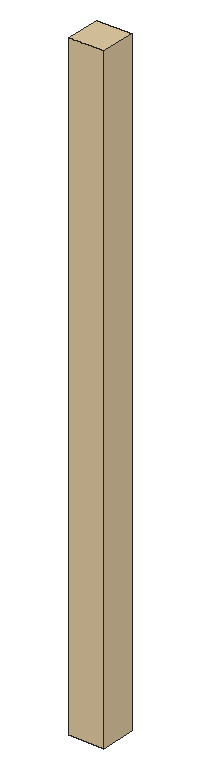
Revit family "M_Madeira de lei-Coluna", category Pilares estruturais, Revit 2019
Family settings
  Forma do corte = Não definido
  Material para o comportamento do modelo = Madeira
  Exportar sempre como geometria = Não
  Redução da viga na planta = Da caixa de vinculação
  Número OmniClass = 23.25.30.11.14.11
  Título OmniClass = Columns
  ID de item do Seek = Timber-Column-0000-CAN-ENU
  Corte com vazios quando carregada = Não
  Representação simbólica = Das configurações de projeto
  Compartilhado = Não
  Exibir o pré-corte da família na vista da planta = Sim
Parameters (values of type "140x140")
  Structural Material [instance] = Madeira de Conífera, Madeira
  Assembly Code = ""
  A = 0.01952 m²
  b = 139.7 mm
  d = 139.7 mm
Reference planes
  plane 1 "Centro (Frente/Trás)": y = 0
  plane 2: z = 0
  plane 3 "Centro (Esquerda/Direita)": x = 0
  plane 4: x = -69.85
  plane 5: x = 69.85
  plane 6: y = 69.85
  plane 7: y = -69.85
Forms (mm)
  Extrusion 1, solid, material "Madeira de Conífera, Madeira" <- "Structural Material", detail levels medium+fine
    sketch origin (0, 0, 0) x (1, 0, 0) y (0, 1, 0)
      loop
        line (-69.85, 69.85) -> (-69.85, -69.85) -> (69.85, -69.85) -> (69.85, 69.85) -> (-69.85, 69.85)
    from 0 to 2500
Lines and regions (mm)
  symbolic lines, style "StructuralColumnStickSymbols", detail levels coarse
    curve 1: line (-69.85, 69.85, 0) -> (69.85, 69.85, 0)
    curve 2: line (-69.85, -69.85, 0) -> (69.85, -69.85, 0)
    curve 3: line (-69.85, 69.85, 0) -> (-69.85, -69.85, 0)
    curve 4: line (69.85, 69.85, 0) -> (69.85, -69.85, 0)
Dimensions and locks
  equal spacing: plane 4, plane 3 "Centro (Esquerda/Direita)", plane 5
  equal spacing: plane 7, plane 1 "Centro (Frente/Trás)", plane 6
  "d": plane 7 to plane 6
  "b": plane 4 to plane 5
  aligned and locked: plane 6 to Extrusion 1 sketch curve
  aligned and locked: Extrusion 1 sketch curve to plane 7
  aligned and locked: Extrusion 1 sketch curve to plane 4
  aligned and locked: plane 5 to Extrusion 1 sketch curve
  aligned and locked: level to Extrusion 1
  aligned and locked: level to plane 2
  aligned and locked: Extrusion 1 to plane 2
Automatic sketch dimensions
  curve 3 to plane 4 = 0 mm
  curve 4 to plane 5 = 0 mm
  curve 3 to plane 7 = 0 mm
  curve 3 to plane 6 = 0 mm
Types in the file's own list only (55): name | A | b | d
  114x114 | 0.01 m² | 114 mm | 114 mm
  140x184 | 0.03 m² | 140 mm | 191 mm
  140x235 | 0.03 m² | 140 mm | 241 mm
  140x286 | 0.04 m² | 140 mm | 292 mm
  140x337 | 0.05 m² | 140 mm | 343 mm
  140x387 | 0.06 m² | 140 mm | 394 mm
  140x445 | 0.06 m² | 140 mm | 445 mm
  140x495 | 0.07 m² | 140 mm | 495 mm
  140x546 | 0.08 m² | 140 mm | 546 mm
  140x597 | 0.08 m² | 140 mm | 597 mm
  184x184 | 0.04 m² | 191 mm | 191 mm
  184x235 | 0.05 m² | 191 mm | 241 mm
  184x286 | 0.06 m² | 191 mm | 292 mm
  184x337 | 0.07 m² | 191 mm | 343 mm
  184x387 | 0.08 m² | 191 mm | 394 mm
  184x445 | 0.08 m² | 191 mm | 445 mm
  184x495 | 0.09 m² | 191 mm | 495 mm
  184x546 | 0.10 m² | 191 mm | 546 mm
  184x597 | 0.11 m² | 191 mm | 597 mm
  235x235 | 0.06 m² | 241 mm | 241 mm
  235x286 | 0.07 m² | 241 mm | 292 mm
  235x337 | 0.08 m² | 241 mm | 343 mm
  235x387 | 0.10 m² | 241 mm | 394 mm
  235x445 | 0.11 m² | 241 mm | 445 mm
  235x495 | 0.12 m² | 241 mm | 495 mm
  235x546 | 0.13 m² | 241 mm | 546 mm
  235x597 | 0.14 m² | 241 mm | 597 mm
  286x286 | 0.09 m² | 292 mm | 292 mm
  286x337 | 0.10 m² | 292 mm | 343 mm
  286x387 | 0.12 m² | 292 mm | 394 mm
  286x445 | 0.13 m² | 292 mm | 445 mm
  286x495 | 0.14 m² | 292 mm | 495 mm
  286x546 | 0.16 m² | 292 mm | 546 mm
  286x597 | 0.17 m² | 292 mm | 597 mm
  337x337 | 0.12 m² | 343 mm | 343 mm
  337x387 | 0.14 m² | 343 mm | 394 mm
  337x445 | 0.15 m² | 343 mm | 445 mm
  337x495 | 0.17 m² | 343 mm | 495 mm
  337x546 | 0.19 m² | 343 mm | 546 mm
  337x597 | 0.20 m² | 343 mm | 597 mm
  387x387 | 0.16 m² | 394 mm | 394 mm
  387x445 | 0.18 m² | 394 mm | 445 mm
  387x495 | 0.20 m² | 394 mm | 495 mm
  387x546 | 0.22 m² | 394 mm | 546 mm
  387x597 | 0.24 m² | 394 mm | 597 mm
  445x445 | 0.20 m² | 445 mm | 445 mm
  445x495 | 0.22 m² | 445 mm | 495 mm
  445x546 | 0.24 m² | 445 mm | 546 mm
  445x597 | 0.27 m² | 445 mm | 597 mm
  495x495 | 0.25 m² | 495 mm | 495 mm
  495x546 | 0.27 m² | 495 mm | 546 mm
  495x597 | 0.30 m² | 495 mm | 597 mm
  546x546 | 0.30 m² | 546 mm | 546 mm
  546x597 | 0.33 m² | 546 mm | 597 mm
  597x597 | 0.36 m² | 597 mm | 597 mm
